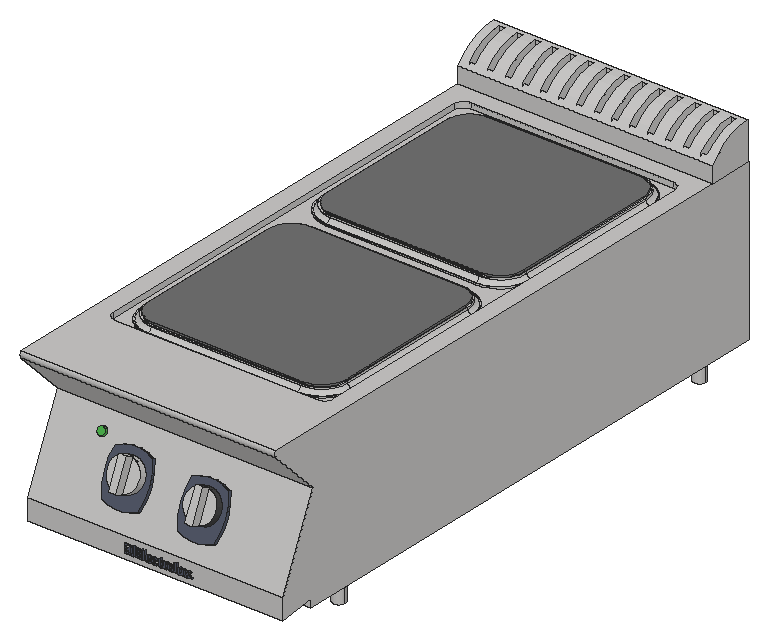
Revit family "QF_ELECTROLUXPROFESSIONAL_391180_E9ECMD2Q05", category Specialty Equipment, Revit 2018
Family settings
  Round Connector Dimension = Use Diameter
  Part Type = Normal
  Work Plane-Based = No
  Always vertical = Yes
  Cut with Voids When Loaded = No
  Shared = No
  Room Calculation Point = No
Parameters (values of type "Standard")
  Weight = 30.00 kg
  Watts = 0 W
  Volts = 400 V
  URL Manufacturer = "http://professional.electrolux.com"
  URL = "http://professional.electrolux.com"
  Steam Supply Size = 0"
  Steam Supply Minimum Pressure = 0.00 psi
  Steam Supply Maximum Pressure = 0.00 psi
  Steam Pounds per Hour = 0
  Show Logo [instance] = yes
  Show Clearance [instance] = yes
  Refrigeration Suction Line Size = 0 mm
  Refrigeration Liquid Line Size = 0 mm
  Refrigerant Compressor Remote = yes
  Phase = 3
  Model = "E9ECMD2Q05"
  Manufacturer = "Electrolux Professional"
  Length Actual = 400 mm  # constant formula
  Item Number = "391180"
  Hot Water Size = 0"
  Height Actual = 250 mm  # constant formula
  HP = "10.7 HP"
  Gas Size = 0"
  Gas KW = 0
  Gas Input Pressure = 0.0 Btu/h
  Direct Waste Size = 0"
  Description = "2HOT PLATE EL.BOIL.TOP 400MM-400V-MARINE"
  Depth Actual = 930 mm  # constant formula
  Cycle = 50 Hz
  Condensate Return Size = 0"
  Compressed Air Volume = 0 GPM
  Compressed Air Size = 0"
  Compressed Air Pressure = 0.00 psi
  Cold Water Size = 0"
  Accessory = yes
Reference planes
  plane 1 "BACK": y = 0
  plane 2: z = 0
  plane 3 "LEFT": x = 0
  plane 4 "RIGHT": x = 400
  plane 5 "FRONT": y = -930
  plane 6 "TOP": z = 333
  plane 7 "Center Y": x = 200
  plane 8 "Center X": y = -465
  plane 9 "BASE": z = 24
  plane 10 "TOP A": z = 275
  plane 11: y = -790
  plane 12: y = -915
  plane 13: y = -82
  plane 14: y = -609
  plane 15: y = -583
Forms (mm)
  Extrusion 1, solid, material "QF_Finishes_Stainless Steel"
    sketch origin (0, 0, 0) x (0, 1, 0) y (0, 0, 1)
      loop
        line (0, 275) -> (-928.041, 275)
        arc (-928.041, 275) -> (-929.999, 270.526) -> (-928.201, 265.985) r 6.35
        line (-928.201, 265.985) -> (-856.039, 191.809) -> (-915, 63.041) -> (-915, 30.789) -> (-859.023, 36.7) -> (-859.023, 24) -> (0, 24) -> (0, 275)
    from 0 to 400
  Extrusion 2, void
    sketch origin (0, -198.623, 273.238) x (-1, 0, 0) y (0, -1, 0)
      loop
        arc (-42.5, -101.089) -> (-31.893, -96.696) -> (-27.5, -86.089) r 15
        line (-27.5, -86.089) -> (-27.5, 583.262)
        arc (-27.5, 583.262) -> (-31.893, 593.868) -> (-42.5, 598.262) r 15
        line (-42.5, 598.262) -> (-359.751, 598.262)
        arc (-359.751, 598.262) -> (-370.358, 593.868) -> (-374.751, 583.262) r 15
        line (-374.751, 583.262) -> (-374.751, -86.089)
        arc (-374.751, -86.089) -> (-370.358, -96.696) -> (-359.751, -101.089) r 15
        line (-359.751, -101.089) -> (-42.5, -101.089)
    from 1.763 to -6.35
  Extrusion 3, solid, material "QF_Finishes_Stainless Steel"
    sketch origin (0, -198.623, 0) x (1, 0, 0) y (0, 1, 0)
      loop
        circle (11.112, 116.623) r 9.525
      loop
        circle (388.887, 116.623) r 9.525
      loop
        circle (11.112, -591.377) r 9.525
      loop
        circle (388.888, -591.377) r 9.525
    from 0 to 24
  Extrusion 4, solid, material "QF_Clearances", visible <- "Show Clearance", detail levels coarse
    sketch origin (0, -198.623, 0) x (1, 0, 0) y (0, 1, 0)
      loop
        line (0, -731.377) -> (0, 198.623) -> (400, 198.623) -> (400, -731.377) -> (500.019, -731.377) -> (500.019, 298.642) -> (-100.019, 298.642) -> (-100.019, -731.377) -> (0, -731.377)
    from 0 to 333
  Extrusion 5, solid, material "QF_Finishes_Stainless Steel"
    sketch origin (0, 0, 0) x (0, 1, 0) y (0, 0, 1)
      loop
        line (0, 275) -> (0, 333.762)
        arc (0, 333.762) -> (-38.885, 325.372) -> (-69.85, 300.4) r 86.116
        line (-69.85, 300.4) -> (-69.85, 275) -> (0, 275)
    from 0 to 400
  Extrusion 6, void
    sketch origin (0, 0, 273.237) x (-1, 0, 0) y (0, -1, 0)
      loop
        line (-13.453, 6.761) -> (-13.453, 63.911) -> (-22.749, 63.911) -> (-22.749, 6.761) -> (-13.453, 6.761)
    from 25.4 to 63.5
  Extrusion 7, void
    sketch origin (400.05, 0, 273.237) x (1, 0, 0) y (0, 1, 0)
      loop
        line (-13.503, -6.761) -> (-22.799, -6.761) -> (-22.799, -63.911) -> (-13.503, -63.911) -> (-13.503, -6.761)
    from 25.4 to 63.5
  Extrusion 8, void
    sketch origin (27.988, 0, 273.237) x (-1, 0, 0) y (0, -1, 0)
      loop
        line (-13.453, 6.761) -> (-13.453, 63.911) -> (-22.749, 63.911) -> (-22.749, 6.761) -> (-13.453, 6.761)
    from 25.4 to 63.5
  Extrusion 9, void
    sketch origin (55.977, 0, 273.237) x (-1, 0, 0) y (0, -1, 0)
      loop
        line (-13.453, 6.761) -> (-13.453, 63.911) -> (-22.749, 63.911) -> (-22.749, 6.761) -> (-13.453, 6.761)
    from 25.4 to 63.5
  Extrusion 10, void
    sketch origin (83.965, 0, 273.237) x (-1, 0, 0) y (0, -1, 0)
      loop
        line (-13.428, 6.761) -> (-13.428, 63.911) -> (-22.724, 63.911) -> (-22.724, 6.761) -> (-13.428, 6.761)
    from 25.4 to 63.5
  Extrusion 11, void
    sketch origin (111.953, 0, 273.237) x (-1, 0, 0) y (0, -1, 0)
      loop
        line (-13.428, 6.761) -> (-13.428, 63.911) -> (-22.724, 63.911) -> (-22.724, 6.761) -> (-13.428, 6.761)
    from 25.4 to 63.5
  Extrusion 12, void
    sketch origin (139.942, 0, 273.237) x (-1, 0, 0) y (0, -1, 0)
      loop
        line (-13.428, 6.761) -> (-13.428, 63.911) -> (-22.724, 63.911) -> (-22.724, 6.761) -> (-13.428, 6.761)
    from 25.4 to 63.5
  Extrusion 13, void
    sketch origin (167.93, 0, 273.237) x (-1, 0, 0) y (0, -1, 0)
      loop
        line (-13.428, 6.761) -> (-13.428, 63.911) -> (-22.724, 63.911) -> (-22.724, 6.761) -> (-13.428, 6.761)
    from 25.4 to 63.5
  Extrusion 14, void
    sketch origin (195.918, 0, 273.237) x (-1, 0, 0) y (0, -1, 0)
      loop
        line (-13.428, 6.761) -> (-13.428, 63.911) -> (-22.724, 63.911) -> (-22.724, 6.761) -> (-13.428, 6.761)
    from 25.4 to 63.5
  Extrusion 15, void
    sketch origin (223.907, 0, 273.237) x (-1, 0, 0) y (0, -1, 0)
      loop
        line (-13.428, 6.761) -> (-13.428, 63.911) -> (-22.724, 63.911) -> (-22.724, 6.761) -> (-13.428, 6.761)
    from 25.4 to 63.5
  Extrusion 16, void
    sketch origin (251.895, 0, 273.237) x (-1, 0, 0) y (0, -1, 0)
      loop
        line (-13.428, 6.761) -> (-13.428, 63.911) -> (-22.724, 63.911) -> (-22.724, 6.761) -> (-13.428, 6.761)
    from 25.4 to 63.5
  Extrusion 17, void
    sketch origin (279.884, 0, 273.237) x (-1, 0, 0) y (0, -1, 0)
      loop
        line (-13.403, 6.761) -> (-13.403, 63.911) -> (-22.699, 63.911) -> (-22.699, 6.761) -> (-13.403, 6.761)
    from 25.4 to 63.5
  Extrusion 18, void
    sketch origin (307.872, 0, 273.237) x (-1, 0, 0) y (0, -1, 0)
      loop
        line (-13.403, 6.761) -> (-13.403, 63.911) -> (-22.699, 63.911) -> (-22.699, 6.761) -> (-13.403, 6.761)
    from 25.4 to 63.5
  Extrusion 19, void
    sketch origin (335.86, 0, 273.237) x (-1, 0, 0) y (0, -1, 0)
      loop
        line (-13.403, 6.761) -> (-13.403, 63.911) -> (-22.699, 63.911) -> (-22.699, 6.761) -> (-13.403, 6.761)
    from 25.4 to 63.5
  Extrusion 20, solid, material "QF_Finishes_Stainless Steel"
    sketch origin (0, -198.623, 266.888) x (-1, 0, 0) y (0, -1, 0)
      loop
        arc (-86.725, 266.377) -> (-58.441, 278.092) -> (-46.725, 306.377) r 40
        line (-46.725, 306.377) -> (-46.725, 541.377)
        arc (-46.725, 541.377) -> (-58.441, 569.661) -> (-86.725, 581.377) r 40
        line (-86.725, 581.377) -> (-321.725, 581.377)
        arc (-321.725, 581.377) -> (-350.009, 569.661) -> (-361.725, 541.377) r 40
        line (-361.725, 541.377) -> (-361.725, 306.377)
        arc (-361.725, 306.377) -> (-350.009, 278.092) -> (-321.725, 266.377) r 40
        line (-321.725, 266.377) -> (-86.725, 266.377)
      loop
        line (-86.725, 230.796) -> (-321.725, 230.796)
        arc (-321.725, 230.796) -> (-350.009, 219.08) -> (-361.725, 190.796) r 40
        line (-361.725, 190.796) -> (-361.725, -44.204)
        arc (-361.725, -44.204) -> (-350.009, -72.488) -> (-321.725, -84.204) r 40
        line (-321.725, -84.204) -> (-86.725, -84.204)
        arc (-86.725, -84.204) -> (-58.441, -72.488) -> (-46.725, -44.204) r 40
        line (-46.725, -44.204) -> (-46.725, 190.796)
        arc (-46.725, 190.796) -> (-58.441, 219.08) -> (-86.725, 230.796) r 40
    from 0 to 10
  Sweep 21, solid, material "QF_Finishes_Stainless Steel"
    path origin (0, -198.623, 276.888) x (-1, 0, 0) y (0, -1, 0)
      loop
        line (-46.725, 306.377) -> (-46.725, 541.377)
        arc (-46.725, 541.377) -> (-58.441, 569.661) -> (-86.725, 581.377) r 40
        line (-86.725, 581.377) -> (-321.725, 581.377)
        arc (-321.725, 581.377) -> (-350.009, 569.661) -> (-361.725, 541.377) r 40
        line (-361.725, 541.377) -> (-361.725, 306.377)
        arc (-361.725, 306.377) -> (-350.009, 278.092) -> (-321.725, 266.377) r 40
        line (-321.725, 266.377) -> (-86.725, 266.377)
        arc (-86.725, 266.377) -> (-58.441, 278.092) -> (-46.725, 306.377) r 40
    profile origin (46.725, -622.5, 276.888) x (1, 0, 0) y (0, 0, 1)
      loop
        arc (0, -1.759) -> (-2.638, -5.472) -> (-6.35, -8.109) r 13.651
        line (-6.35, -8.109) -> (-8.064, -8.109) -> (-8.064, -10) -> (0, -10) -> (0, -1.759)
  Sweep 22, solid, material "QF_Finishes_Stainless Steel"
    path origin (0, 151.957, 276.888) x (-1, 0, 0) y (0, -1, 0)
      loop
        line (-46.725, 306.377) -> (-46.725, 541.377)
        arc (-46.725, 541.377) -> (-58.441, 569.661) -> (-86.725, 581.377) r 40
        line (-86.725, 581.377) -> (-321.725, 581.377)
        arc (-321.725, 581.377) -> (-350.009, 569.661) -> (-361.725, 541.377) r 40
        line (-361.725, 541.377) -> (-361.725, 306.377)
        arc (-361.725, 306.377) -> (-350.009, 278.092) -> (-321.725, 266.377) r 40
        line (-321.725, 266.377) -> (-86.725, 266.377)
        arc (-86.725, 266.377) -> (-58.441, 278.092) -> (-46.725, 306.377) r 40
    profile origin (46.725, -271.919, 276.888) x (1, 0, 0) y (0, 0, 1)
      loop
        arc (0, -1.759) -> (-2.638, -5.472) -> (-6.35, -8.109) r 13.651
        line (-6.35, -8.109) -> (-8.064, -8.109) -> (-8.064, -10) -> (0, -10) -> (0, -1.759)
  Extrusion 23, solid, material "QF_Finishes_Rubber Black"
    sketch origin (0, -198.623, 276.888) x (-1, 0, 0) y (0, -1, 0)
      loop
        arc (-49.725, 190.796) -> (-60.562, 216.959) -> (-86.725, 227.796) r 37
        line (-86.725, 227.796) -> (-321.725, 227.796)
        arc (-321.725, 227.796) -> (-347.888, 216.959) -> (-358.725, 190.796) r 37
        line (-358.725, 190.796) -> (-358.725, -44.204)
        arc (-358.725, -44.204) -> (-347.888, -70.367) -> (-321.725, -81.204) r 37
        line (-321.725, -81.204) -> (-86.725, -81.204)
        arc (-86.725, -81.204) -> (-60.562, -70.367) -> (-49.725, -44.204) r 37
        line (-49.725, -44.204) -> (-49.725, 190.796)
      loop
        arc (-86.725, 269.377) -> (-60.562, 280.214) -> (-49.725, 306.377) r 37
        line (-49.725, 306.377) -> (-49.725, 541.377)
        arc (-49.725, 541.377) -> (-60.562, 567.54) -> (-86.725, 578.377) r 37
        line (-86.725, 578.377) -> (-321.725, 578.377)
        arc (-321.725, 578.377) -> (-347.888, 567.54) -> (-358.725, 541.377) r 37
        line (-358.725, 541.377) -> (-358.725, 306.377)
        arc (-358.725, 306.377) -> (-347.888, 280.214) -> (-321.725, 269.377) r 37
        line (-321.725, 269.377) -> (-86.725, 269.377)
    from 0 to 2
  Extrusion 24, solid, material "QF_Finishes_Green"
    sketch origin (0, -915, 63.041) x (0, 0.416318, 0.909219) y (-1, 0, 0)
      loop
        circle (111.946, -80.648) r 6.35
    from 0 to 3.175
  Extrusion 25, solid, material "QF_Finishes_Navy Blue", visible <- "Show Logo"
    sketch origin (0, -915, 31.09) x (0, 0, 1) y (-1, 0, 0)
      loop
        line (22.074, -162.506) -> (9.707, -162.506)
        arc (9.707, -162.506) -> (15.891, -167.078) -> (22.074, -162.506) r 6.467
      loop
        arc (22.074, -161.877) -> (20.905, -156.734) -> (16.249, -154.256) r 6.338
        line (16.249, -154.256) -> (16.249, -156.302)
        arc (16.249, -156.302) -> (17.733, -159.957) -> (21.178, -161.877) r 5.941
        line (21.178, -161.877) -> (22.074, -161.877)
      loop
        arc (10.603, -161.877) -> (14.048, -159.957) -> (15.532, -156.302) r 5.941
        line (15.532, -156.302) -> (15.532, -154.256)
        arc (15.532, -154.256) -> (10.838, -156.73) -> (9.548, -161.877) r 6.504
        line (9.548, -161.877) -> (10.603, -161.877)
      loop
        line (22.749, -153.787) -> (9.004, -153.787) -> (9.004, -167.55) -> (22.749, -167.55) -> (22.749, -153.787)
      loop
        arc (22.832, -170.518) -> (22.485, -170.16) -> (22.118, -170.498) r 0.358
        arc (22.118, -170.498) -> (21.804, -171.248) -> (21.087, -171.633) r 1.216
        line (21.087, -171.633) -> (10.674, -171.633)
        arc (10.674, -171.633) -> (10.014, -171.356) -> (9.618, -170.759) r 1.238
        arc (9.618, -170.759) -> (9.223, -170.508) -> (8.918, -170.862) r 0.358
        line (8.918, -170.862) -> (8.918, -180.741) -> (11.669, -180.741) -> (11.669, -179.844)
        arc (11.669, -179.844) -> (10.76, -179.264) -> (10.304, -178.287) r 1.928
        line (10.304, -178.287) -> (10.304, -175.788)
        arc (10.304, -175.788) -> (10.58, -175.059) -> (11.268, -174.695) r 1.101
        line (11.268, -174.695) -> (15.355, -174.695) -> (15.355, -178.369)
        arc (15.355, -178.369) -> (15.002, -178.866) -> (14.437, -179.094) r 1.083
        arc (14.437, -179.094) -> (14.173, -179.399) -> (14.465, -179.677) r 0.292
        line (14.465, -179.677) -> (17.428, -179.677)
        arc (17.428, -179.677) -> (17.73, -179.404) -> (17.492, -179.074) r 0.305
        arc (17.492, -179.074) -> (17.001, -178.826) -> (16.696, -178.369) r 1.083
        line (16.696, -178.369) -> (16.696, -174.695) -> (21.373, -174.695) -> (21.373, -178.443)
        arc (21.373, -178.443) -> (21.159, -179.198) -> (20.553, -179.696) r 1.314
        arc (20.553, -179.696) -> (20.334, -180.1) -> (20.688, -180.393) r 0.361
        line (20.688, -180.393) -> (22.832, -180.393) -> (22.832, -170.518)
      loop
        arc (22.115, -181.173) -> (21.735, -182.092) -> (20.816, -182.472) r 1.299
        line (20.816, -182.472) -> (11.237, -182.472)
        arc (11.237, -182.472) -> (10.399, -182.094) -> (10.128, -181.216) r 1.118
        line (10.128, -181.216) -> (8.918, -181.216) -> (8.918, -186.566) -> (10.106, -186.566)
        arc (10.106, -186.566) -> (10.378, -185.649) -> (11.248, -185.253) r 1.153
        line (11.248, -185.253) -> (23.32, -185.253) -> (22.115, -181.173)
      loop
        line (13.883, -189.202) -> (13.883, -195.65) -> (14.682, -195.65)
        arc (14.682, -195.65) -> (17.262, -194.665) -> (18.531, -192.212) r 3.874
        line (18.531, -192.212) -> (18.531, -190.451)
        arc (18.531, -190.451) -> (17.344, -187.586) -> (14.48, -186.4) r 4.051
        line (14.48, -186.4) -> (12.472, -186.4)
        arc (12.472, -186.4) -> (9.653, -187.885) -> (8.602, -190.892) r 4.352
        arc (8.602, -190.892) -> (8.966, -193.355) -> (10.343, -195.429) r 5.713
        line (10.343, -195.429) -> (11.292, -195.429)
        arc (11.292, -195.429) -> (10.56, -193.86) -> (10.343, -192.142) r 5.579
        arc (10.343, -192.142) -> (11.137, -190.179) -> (13.016, -189.202) r 3.057
        line (13.016, -189.202) -> (13.883, -189.202)
      loop
        line (15.142, -189.202) -> (15.142, -192.784)
        arc (15.142, -192.784) -> (16.599, -192.832) -> (17.482, -191.672) r 1.59
        line (17.482, -191.672) -> (17.482, -190.842)
        arc (17.482, -190.842) -> (16.617, -189.587) -> (15.142, -189.202) r 2.184
      loop
        arc (17.933, -205.067) -> (18.422, -203.393) -> (18.579, -201.656) r 9.023
        line (18.579, -201.656) -> (18.579, -200.294)
        arc (18.579, -200.294) -> (17.42, -197.494) -> (14.62, -196.335) r 3.959
        line (14.62, -196.335) -> (12.02, -196.335)
        arc (12.02, -196.335) -> (9.738, -197.627) -> (8.621, -200) r 4.331
        line (8.621, -200) -> (8.621, -202.135)
        arc (8.621, -202.135) -> (9.129, -203.685) -> (10.051, -205.031) r 5.772
        arc (10.051, -205.031) -> (10.812, -205.082) -> (10.899, -204.323) r 0.553
        arc (10.899, -204.323) -> (10.511, -203.589) -> (10.377, -202.77) r 2.573
        line (10.377, -202.77) -> (10.377, -201.255)
        arc (10.377, -201.255) -> (11.383, -199.614) -> (13.198, -198.971) r 2.884
        line (13.198, -198.971) -> (14.477, -198.971)
        arc (14.477, -198.971) -> (16.298, -199.531) -> (17.224, -201.196) r 2.554
        line (17.224, -201.196) -> (17.224, -202.249)
        arc (17.224, -202.249) -> (16.893, -203.177) -> (16.236, -203.912) r 2.564
        arc (16.236, -203.912) -> (16.014, -204.629) -> (16.623, -205.067) r 0.643
        line (16.623, -205.067) -> (17.933, -205.067)
      loop
        line (16.915, -205.337) -> (16.915, -206.838) -> (10.867, -206.838)
        arc (10.867, -206.838) -> (9.279, -207.496) -> (8.621, -209.084) r 2.246
        line (8.621, -209.084) -> (8.621, -210.668)
        arc (8.621, -210.668) -> (8.935, -211.533) -> (9.435, -212.304) r 4.06
        arc (9.435, -212.304) -> (10.168, -212.437) -> (10.419, -211.736) r 0.576
        arc (10.419, -211.736) -> (10.313, -211.211) -> (10.377, -210.678) r 1.69
        arc (10.377, -210.678) -> (10.919, -209.89) -> (11.825, -209.587) r 1.506
        line (11.825, -209.587) -> (16.963, -209.587) -> (16.963, -211.984) -> (17.519, -212.541) -> (18.341, -212.541) -> (18.341, -209.681) -> (21.572, -209.681) -> (16.915, -205.337)
      loop
        line (8.838, -213.438) -> (8.838, -218.825) -> (9.948, -218.825)
        arc (9.948, -218.825) -> (10.342, -217.874) -> (11.293, -217.48) r 1.345
        line (11.293, -217.48) -> (14.909, -217.48)
        arc (14.909, -217.48) -> (15.674, -218.072) -> (15.964, -218.994) r 1.615
        line (15.964, -218.994) -> (15.964, -220.55) -> (18.519, -221.235) -> (18.519, -219.852) -> (16.577, -217.293) -> (18.457, -217.293) -> (18.173, -214.587)
        arc (18.173, -214.587) -> (17.733, -214.057) -> (17.074, -214.258) r 0.621
        arc (17.074, -214.258) -> (16.674, -214.6) -> (16.18, -214.783) r 1.501
        line (16.18, -214.783) -> (11.293, -214.783)
        arc (11.293, -214.783) -> (10.342, -214.389) -> (9.948, -213.438) r 1.345
        line (9.948, -213.438) -> (8.838, -213.438)
      loop
        line (14.94, -220.772) -> (12.248, -220.772)
        arc (12.248, -220.772) -> (9.803, -222.08) -> (8.669, -224.611) r 4.288
        arc (8.669, -224.611) -> (8.605, -225.991) -> (8.669, -227.371) r 15.022
        arc (8.669, -227.371) -> (9.803, -229.902) -> (12.248, -231.209) r 4.288
        line (12.248, -231.209) -> (14.94, -231.209)
        arc (14.94, -231.209) -> (17.386, -229.902) -> (18.519, -227.371) r 4.288
        arc (18.519, -227.371) -> (18.583, -225.991) -> (18.519, -224.611) r 15.022
        arc (18.519, -224.611) -> (17.386, -222.08) -> (14.94, -220.772) r 4.288
      loop
        line (15.145, -223.886) -> (12.043, -223.886)
        arc (12.043, -223.886) -> (9.886, -226.043) -> (12.043, -228.2) r 2.157
        line (12.043, -228.2) -> (15.145, -228.2)
        arc (15.145, -228.2) -> (17.302, -226.043) -> (15.145, -223.886) r 2.157
      loop
        arc (22.126, -231.068) -> (21.755, -231.962) -> (20.861, -232.332) r 1.264
        line (20.861, -232.332) -> (10.997, -232.332)
        arc (10.997, -232.332) -> (10.127, -231.935) -> (9.855, -231.019) r 1.153
        line (9.855, -231.019) -> (8.918, -231.019) -> (8.918, -236.127) -> (9.846, -236.127)
        arc (9.846, -236.127) -> (10.205, -235.355) -> (10.997, -235.04) r 1.153
        line (10.997, -235.04) -> (23.32, -235.04) -> (22.126, -231.068)
      loop
        arc (17.246, -235.665) -> (17.047, -236.729) -> (16.078, -237.211) r 1.215
        line (16.078, -237.211) -> (11.058, -237.211)
        arc (11.058, -237.211) -> (9.443, -237.859) -> (8.722, -239.442) r 2.338
        line (8.722, -239.442) -> (8.722, -240.956)
        arc (8.722, -240.956) -> (8.897, -241.96) -> (9.399, -242.846) r 2.979
        line (9.399, -242.846) -> (8.918, -244.643) -> (8.918, -246.332) -> (18.343, -246.332) -> (18.049, -242.128) -> (17.263, -242.128)
        arc (17.263, -242.128) -> (16.907, -242.964) -> (16.155, -243.473) r 1.605
        line (16.155, -243.473) -> (11.052, -243.473)
        arc (11.052, -243.473) -> (10.632, -242.536) -> (10.559, -241.512) r 2.94
        arc (10.559, -241.512) -> (11.12, -240.411) -> (12.273, -239.968) r 1.724
        line (12.273, -239.968) -> (18.47, -239.968) -> (17.246, -235.665)
      loop
        line (18.274, -247.185) -> (16.602, -249.231) -> (13.428, -251.537) -> (9.972, -248.425)
        arc (9.972, -248.425) -> (9.735, -248.031) -> (9.757, -247.572) r 0.789
        line (9.757, -247.572) -> (8.918, -247.572) -> (8.918, -251.117) -> (9.744, -251.117)
        arc (9.744, -251.117) -> (10.086, -250.755) -> (10.576, -250.847) r 0.52
        line (10.576, -250.847) -> (12.376, -252.318) -> (10.258, -253.694)
        arc (10.258, -253.694) -> (9.857, -253.384) -> (9.77, -252.884) r 0.7
        line (9.77, -252.884) -> (8.918, -252.884) -> (8.918, -258.811) -> (9.805, -258.811)
        arc (9.805, -258.811) -> (9.872, -258.152) -> (10.266, -257.621) r 1.247
        line (10.266, -257.621) -> (14.466, -254.34) -> (16.913, -256.393) -> (18.274, -258.135) -> (18.274, -254.412) -> (16.789, -254.834) -> (15.268, -253.557) -> (16.968, -252.367) -> (18.274, -253.144) -> (18.274, -247.185)
    from 0 to 1.644
  Extrusion 26, solid, material "QF_Finishes_Stainless Steel"
    sketch origin (-24.783, -915.025, 68.652) x (0, 0.421077, 0.907025) y (-1, 0, 0)
      loop
        circle (68.826, -160.963) r 25.4
    from 0 to 12.7
  Extrusion 27, solid, material "QF_Finishes_Stainless Steel"
    sketch origin (-24.783, -926.544, 74) x (0, 0.421077, 0.907025) y (-1, 0, 0)
      loop
        arc (93.558, -166.749) -> (94.226, -160.963) -> (93.558, -155.177) r 25.4
        line (93.558, -155.177) -> (44.094, -155.177)
        arc (44.094, -155.177) -> (43.426, -160.963) -> (44.094, -166.749) r 25.4
        line (44.094, -166.749) -> (93.558, -166.749)
    from 0 to 12.7
  Extrusion 28, solid, material "QF_Finishes_Stainless Steel"
    sketch origin (417.5, -915.025, 66.777) x (0, 0.421077, 0.907025) y (-1, 0, 0)
      loop
        circle (68.826, 160.963) r 25.4
    from 0 to 12.7
  Extrusion 29, solid, material "QF_Finishes_Stainless Steel"
    sketch origin (417.5, -926.544, 72.125) x (0, 0.421077, 0.907025) y (-1, 0, 0)
      loop
        line (93.558, 166.749) -> (44.094, 166.749)
        arc (44.094, 166.749) -> (43.426, 160.963) -> (44.094, 155.177) r 25.4
        line (44.094, 155.177) -> (93.558, 155.177)
        arc (93.558, 155.177) -> (94.226, 160.963) -> (93.558, 166.749) r 25.4
    from 0 to 12.7
  Extrusion 30, solid, material "QF_Finishes_Stainless Steel"
    sketch origin (0, -300.223, 24) x (-1, 0, 0) y (0, 1, 0)
      loop
        circle (-249, -308.777) r 12.7
    from 0 to 12.7
  Extrusion 31, solid, material "QF_Finishes_Stainless Steel"
    sketch origin (0, -300.223, 24) x (-1, 0, 0) y (0, 1, 0)
      loop
        circle (-339, -282.777) r 12.7
    from 0 to 12.7
  Extrusion 32, solid, material "QF_Finishes_Navy Blue - Electrolux"
    sketch origin (0, -915, 63.041) x (0, 0.416318, 0.909219) y (-1, 0, 0)
      loop
        arc (103.364, -107.24) -> (68.487, -100.223) -> (33.619, -107.285) r 89.894
        arc (33.619, -107.285) -> (26.924, -135.815) -> (33.619, -164.346) r 64.14
        arc (33.619, -164.346) -> (68.487, -171.411) -> (103.364, -164.39) r 89.853
        arc (103.364, -164.39) -> (110.078, -135.815) -> (103.364, -107.24) r 64.16
      loop
        arc (100.864, -227.597) -> (65.987, -220.58) -> (31.119, -227.641) r 89.894
        arc (31.119, -227.641) -> (24.424, -256.172) -> (31.119, -284.703) r 64.14
        arc (31.119, -284.703) -> (65.987, -291.768) -> (100.864, -284.747) r 89.853
        arc (100.864, -284.747) -> (107.578, -256.172) -> (100.864, -227.597) r 64.16
    from 0 to 4
Cuts and joins
  Extrusion 2 cuts Extrusion 1
  Extrusion 6, Extrusion 7, Extrusion 8, Extrusion 9, Extrusion 10, Extrusion 11, Extrusion 12, Extrusion 13, Extrusion 14, Extrusion 15, Extrusion 16, Extrusion 17, Extrusion 18, Extrusion 19 cuts Extrusion 5
Lines and regions (mm)
  symbolic lines, style "QF_Clearances", visible <- "Show Clearance", detail levels coarse
    curve 1: line (-100.019, 100.019, 275) -> (-100.019, -930, 275)
    curve 2: line (500.019, 100.019, 275) -> (-100.019, 100.019, 275)
    curve 3: line (500.019, -930, 275) -> (500.019, 100.019, 275)
  symbolic lines
    curve 4: line (0, -930, 275) -> (0, -198.623, 275)
    curve 5: line (400, -198.623, 275) -> (400, -930, 275)
    curve 6: line (0, -268.473, 275) -> (0, -319.273, 275)
    curve 7: line (400, -930, 275) -> (0, -930, 275)
    curve 8: line (27.5, -781.885, 266.888) -> (27.5, -112.534, 266.888)
    curve 9: line (42.5, -97.534, 266.888) -> (359.751, -97.534, 266.887)
    curve 10: line (374.751, -112.534, 266.887) -> (374.751, -781.885, 266.887)
    curve 11: line (359.751, -796.885, 266.887) -> (42.5, -796.885, 266.888)
    curve 12: line (0, 0, 275) -> (400, 0, 275)
    curve 13: line (22.724, -6.761, 275) -> (22.724, -63.911, 275)
    curve 14: line (22.724, -63.911, 275) -> (13.428, -63.911, 275)
    curve 15: line (13.428, -63.911, 275) -> (13.428, -6.761, 275)
    curve 16: line (13.428, -6.761, 275) -> (22.724, -6.761, 275)
    curve 17: line (386.547, -6.761, 275) -> (386.547, -63.911, 275)
    curve 18: line (386.547, -63.911, 275) -> (377.251, -63.911, 275)
    curve 19: line (377.251, -63.911, 275) -> (377.251, -6.761, 275)
    curve 20: line (377.251, -6.761, 275) -> (386.547, -6.761, 275)
    curve 21: line (50.712, -6.761, 275) -> (50.712, -63.911, 275)
    curve 22: line (50.712, -63.911, 275) -> (41.416, -63.911, 275)
    curve 23: line (41.416, -63.911, 275) -> (41.416, -6.761, 275)
    curve 24: line (41.416, -6.761, 275) -> (50.712, -6.761, 275)
    curve 25: line (78.7, -6.761, 275) -> (78.7, -63.911, 275)
    curve 26: line (78.7, -63.911, 275) -> (69.405, -63.911, 275)
    curve 27: line (69.405, -63.911, 275) -> (69.405, -6.761, 275)
    curve 28: line (69.405, -6.761, 275) -> (78.7, -6.761, 275)
    curve 29: line (106.689, -6.761, 275) -> (106.689, -63.911, 275)
    curve 30: line (106.689, -63.911, 275) -> (97.393, -63.911, 275)
    curve 31: line (97.393, -63.911, 275) -> (97.393, -6.761, 275)
    curve 32: line (97.393, -6.761, 275) -> (106.689, -6.761, 275)
    curve 33: line (134.677, -6.761, 275) -> (134.677, -63.911, 275)
    curve 34: line (134.677, -63.911, 275) -> (125.381, -63.911, 275)
    curve 35: line (125.381, -63.911, 275) -> (125.381, -6.761, 275)
    curve 36: line (125.381, -6.761, 275) -> (134.677, -6.761, 275)
    curve 37: line (162.665, -6.761, 275) -> (162.665, -63.911, 275)
    curve 38: line (162.665, -63.911, 275) -> (153.37, -63.911, 275)
    curve 39: line (153.37, -63.911, 275) -> (153.37, -6.761, 275)
    curve 40: line (153.37, -6.761, 275) -> (162.665, -6.761, 275)
    curve 41: line (190.654, -6.761, 275) -> (190.654, -63.911, 275)
    curve 42: line (190.654, -63.911, 275) -> (181.358, -63.911, 275)
    curve 43: line (181.358, -63.911, 275) -> (181.358, -6.761, 275)
    curve 44: line (181.358, -6.761, 275) -> (190.654, -6.761, 275)
    curve 45: line (218.642, -6.761, 275) -> (218.642, -63.911, 275)
    curve 46: line (218.642, -63.911, 275) -> (209.346, -63.911, 275)
    curve 47: line (209.346, -63.911, 275) -> (209.346, -6.761, 275)
    curve 48: line (209.346, -6.761, 275) -> (218.642, -6.761, 275)
    curve 49: line (246.605, -6.761, 275) -> (246.605, -63.911, 275)
    curve 50: line (246.605, -63.911, 275) -> (237.31, -63.911, 275)
    curve 51: line (237.31, -63.911, 275) -> (237.31, -6.761, 275)
    curve 52: line (237.31, -6.761, 275) -> (246.605, -6.761, 275)
    curve 53: line (274.594, -6.761, 275) -> (274.594, -63.911, 275)
    curve 54: line (274.594, -63.911, 275) -> (265.298, -63.911, 275)
    curve 55: line (265.298, -63.911, 275) -> (265.298, -6.761, 275)
    curve 56: line (265.298, -6.761, 275) -> (274.594, -6.761, 275)
    curve 57: line (302.582, -6.761, 275) -> (302.582, -63.911, 275)
    curve 58: line (302.582, -63.911, 275) -> (293.286, -63.911, 275)
    curve 59: line (293.286, -63.911, 275) -> (293.286, -6.761, 275)
    curve 60: line (293.286, -6.761, 275) -> (302.582, -6.761, 275)
    curve 61: line (330.57, -6.761, 275) -> (330.57, -63.911, 275)
    curve 62: line (330.57, -63.911, 275) -> (321.275, -63.911, 275)
    curve 63: line (321.275, -63.911, 275) -> (321.275, -6.761, 275)
    curve 64: line (321.275, -6.761, 275) -> (330.57, -6.761, 275)
    curve 65: line (358.559, -6.761, 275) -> (358.559, -63.911, 275)
    curve 66: line (358.559, -63.911, 275) -> (349.263, -63.911, 275)
    curve 67: line (349.263, -63.911, 275) -> (349.263, -6.761, 275)
    curve 68: line (349.263, -6.761, 275) -> (358.559, -6.761, 275)
    curve 69: line (400, -69.85, 275) -> (0, -69.85, 275)
    curve 70: arc (42.5, -97.534, 266.888) -> (31.893, -101.928, 266.888) -> (27.5, -112.534, 266.888) r 15
    curve 71: arc (374.751, -112.534, 266.887) -> (370.358, -101.928, 266.887) -> (359.751, -97.534, 266.887) r 15
    curve 72: arc (359.751, -796.885, 266.887) -> (370.358, -792.492, 266.887) -> (374.751, -781.885, 266.887) r 15
    curve 73: arc (27.5, -781.885, 266.888) -> (31.893, -792.492, 266.888) -> (42.5, -796.885, 266.888) r 15
    curve 74: arc (86.725, -117.419, 266.888) -> (60.562, -128.256, 266.888) -> (49.725, -154.419, 266.888) r 37
    curve 75: line (49.725, -154.419, 266.888) -> (49.725, -389.419, 266.888)
    curve 76: arc (49.725, -389.419, 266.888) -> (60.562, -415.582, 266.888) -> (86.725, -426.419, 266.888) r 37
    curve 77: line (86.725, -426.419, 266.888) -> (321.725, -426.419, 266.887)
    curve 78: arc (321.725, -426.419, 266.887) -> (347.888, -415.582, 266.887) -> (358.725, -389.419, 266.887) r 37
    curve 79: line (358.725, -389.419, 266.887) -> (358.725, -154.419, 266.887)
    curve 80: arc (358.725, -154.419, 266.887) -> (347.888, -128.256, 266.887) -> (321.725, -117.419, 266.887) r 37
    curve 81: line (321.725, -117.419, 266.887) -> (86.725, -117.419, 266.888)
    curve 82: arc (86.725, -114.419, 266.888) -> (58.441, -126.135, 266.888) -> (46.725, -154.419, 266.888) r 40
    curve 83: line (46.725, -154.419, 266.888) -> (46.725, -389.419, 266.888)
    curve 84: arc (46.725, -389.419, 266.888) -> (58.441, -417.704, 266.888) -> (86.725, -429.419, 266.888) r 40
    curve 85: line (86.725, -429.419, 266.888) -> (321.725, -429.419, 266.887)
    curve 86: arc (321.725, -429.419, 266.887) -> (350.009, -417.704, 266.887) -> (361.725, -389.419, 266.887) r 40
    curve 87: line (361.725, -389.419, 266.887) -> (361.725, -154.419, 266.887)
    curve 88: arc (361.725, -154.419, 266.887) -> (350.009, -126.135, 266.887) -> (321.725, -114.419, 266.887) r 40
    curve 89: line (321.725, -114.419, 266.887) -> (86.725, -114.419, 266.888)
    curve 90: arc (40.375, -154.419, 266.888) -> (53.951, -121.645, 266.888) -> (86.725, -108.069, 266.888) r 46.35
    curve 91: line (86.725, -108.069, 266.888) -> (321.725, -108.069, 266.887)
    curve 92: arc (321.725, -108.069, 266.887) -> (354.499, -121.645, 266.887) -> (368.075, -154.419, 266.887) r 46.35
    curve 93: line (368.075, -154.419, 266.887) -> (368.075, -389.419, 266.887)
    curve 94: arc (368.075, -389.419, 266.887) -> (354.499, -422.194, 266.887) -> (321.725, -435.769, 266.887) r 46.35
    curve 95: line (321.725, -435.769, 266.887) -> (86.725, -435.769, 266.888)
    curve 96: arc (86.725, -435.769, 266.888) -> (53.951, -422.194, 266.888) -> (40.375, -389.419, 266.888) r 46.35
    curve 97: line (40.375, -389.419, 266.888) -> (40.375, -154.419, 266.888)
    curve 98: arc (86.725, -106.355, 266.888) -> (52.738, -120.433, 266.888) -> (38.661, -154.419, 266.888) r 48.064
    curve 99: line (38.661, -154.419, 266.888) -> (38.661, -389.419, 266.888)
    curve 100: arc (38.661, -389.419, 266.888) -> (52.738, -423.406, 266.888) -> (86.725, -437.484, 266.888) r 48.064
    curve 101: line (86.725, -437.484, 266.888) -> (321.725, -437.484, 266.887)
    curve 102: arc (321.725, -437.484, 266.887) -> (355.712, -423.406, 266.887) -> (369.789, -389.419, 266.887) r 48.064
    curve 103: line (369.789, -389.419, 266.887) -> (369.789, -154.419, 266.887)
    curve 104: arc (369.789, -154.419, 266.887) -> (355.712, -120.433, 266.887) -> (321.725, -106.355, 266.887) r 48.064
    curve 105: line (321.725, -106.355, 266.887) -> (86.725, -106.355, 266.888)
    curve 106: arc (86.725, -456.936, 266.888) -> (52.738, -471.013, 266.888) -> (38.661, -505, 266.888) r 48.064
    curve 107: line (38.661, -505, 266.888) -> (38.661, -740, 266.888)
    curve 108: arc (38.661, -740, 266.888) -> (52.738, -773.987, 266.888) -> (86.725, -788.064, 266.888) r 48.064
    curve 109: line (86.725, -788.064, 266.888) -> (321.725, -788.064, 266.887)
    curve 110: arc (321.725, -788.064, 266.887) -> (355.712, -773.987, 266.887) -> (369.789, -740, 266.887) r 48.064
    curve 111: line (369.789, -740, 266.887) -> (369.789, -505, 266.887)
    curve 112: arc (369.789, -505, 266.887) -> (355.712, -471.013, 266.887) -> (321.725, -456.936, 266.887) r 48.064
    curve 113: line (321.725, -456.936, 266.887) -> (86.725, -456.936, 266.888)
    curve 114: arc (40.375, -505, 266.888) -> (53.951, -472.226, 266.888) -> (86.725, -458.65, 266.888) r 46.35
    curve 115: line (86.725, -458.65, 266.888) -> (321.725, -458.65, 266.887)
    curve 116: arc (321.725, -458.65, 266.887) -> (354.499, -472.226, 266.887) -> (368.075, -505, 266.887) r 46.35
    curve 117: line (368.075, -505, 266.887) -> (368.075, -740, 266.887)
    curve 118: arc (368.075, -740, 266.887) -> (354.499, -772.774, 266.887) -> (321.725, -786.35, 266.887) r 46.35
    curve 119: line (321.725, -786.35, 266.887) -> (86.725, -786.35, 266.888)
    curve 120: arc (86.725, -786.35, 266.888) -> (53.951, -772.774, 266.888) -> (40.375, -740, 266.888) r 46.35
    curve 121: line (40.375, -740, 266.888) -> (40.375, -505, 266.888)
    curve 122: arc (86.725, -465, 266.888) -> (58.441, -476.716, 266.888) -> (46.725, -505, 266.888) r 40
    curve 123: line (46.725, -505, 266.888) -> (46.725, -740, 266.888)
    curve 124: arc (46.725, -740, 266.888) -> (58.441, -768.284, 266.888) -> (86.725, -780, 266.888) r 40
    curve 125: line (86.725, -780, 266.888) -> (321.725, -780, 266.887)
    curve 126: arc (321.725, -780, 266.887) -> (350.009, -768.284, 266.887) -> (361.725, -740, 266.887) r 40
    curve 127: line (361.725, -740, 266.887) -> (361.725, -505, 266.887)
    curve 128: arc (361.725, -505, 266.887) -> (350.009, -476.716, 266.887) -> (321.725, -465, 266.887) r 40
    curve 129: line (321.725, -465, 266.887) -> (86.725, -465, 266.888)
    curve 130: arc (86.725, -468, 266.888) -> (60.562, -478.837, 266.888) -> (49.725, -505, 266.888) r 37
    curve 131: line (49.725, -505, 266.888) -> (49.725, -740, 266.888)
    curve 132: arc (49.725, -740, 266.888) -> (60.562, -766.163, 266.888) -> (86.725, -777, 266.888) r 37
    curve 133: line (86.725, -777, 266.888) -> (321.725, -777, 266.887)
    curve 134: arc (321.725, -777, 266.887) -> (347.888, -766.163, 266.887) -> (358.725, -740, 266.887) r 37
    curve 135: line (358.725, -740, 266.887) -> (358.725, -505, 266.887)
    curve 136: arc (358.725, -505, 266.887) -> (347.888, -478.837, 266.887) -> (321.725, -468, 266.887) r 37
    curve 137: line (321.725, -468, 266.887) -> (86.725, -468, 266.888)
    curve 138: line (0, -930, 266.888) -> (0, 0, 266.888)
    curve 139: line (400, 0, 266.887) -> (400, -930, 266.887)
Dimensions and locks
  equal spacing: plane 3 "LEFT", plane 7 "Center Y", plane 4 "RIGHT"
  plane 3 "LEFT" to plane 4 "RIGHT" = 400 mm
  equal spacing: plane 5 "FRONT", plane 8 "Center X", plane 1 "BACK"
  plane 5 "FRONT" to plane 1 "BACK" = 930 mm  (x2)
  plane 6 "TOP" to level = 333 mm
  plane 9 "BASE" to level = 24 mm
  plane 1 "BACK" to plane 5 "FRONT" = 930 mm
  plane 10 "TOP A" to plane 9 "BASE" = 251 mm  (x2)
  plane 6 "TOP" to plane 2 = 333 mm
  Extrusion 3 sketch curve to plane 1 "BACK" = 82 mm
  plane 12 to plane 11 to plane 13 to plane 1 "BACK" = 125 mm, 708 mm, 82 mm
  Extrusion 3 sketch curve to plane 1 "BACK" = 790 mm
  plane 9 "BASE" to plane 2 = 24 mm
  plane 15 to plane 1 "BACK" = 583 mm
  plane 14 to plane 1 "BACK" = 609 mm
  plane 6 "TOP" to plane 10 "TOP A" = 58 mm
  aligned and locked: level to plane 2
Automatic sketch dimensions
  Extrusion 2 sketch curve to plane 4 "RIGHT" = 25.249 mm
  Extrusion 2 sketch curve to Extrusion 2 sketch curve = 15 mm  (x3)
  plane 3 "LEFT" to Extrusion 2 sketch curve = 42.5 mm  (x2)
  Extrusion 2 sketch curve to plane 5 "FRONT" = 148.115 mm
  plane 5 "FRONT" to Extrusion 4 sketch curve = 0 mm  (x2)
  plane 1 "BACK" to Extrusion 4 sketch curve = 0 mm
  Extrusion 4 sketch curve to plane 3 "LEFT" = 0 mm
  Extrusion 4 sketch curve to plane 4 "RIGHT" = 0 mm
  Extrusion 4 sketch curve to plane 3 "LEFT" = 100.019 mm
  plane 4 "RIGHT" to Extrusion 4 sketch curve = 100.019 mm
  Extrusion 4 sketch curve to plane 1 "BACK" = 100.019 mm
  curve 10 to Extrusion 2 = 15 mm  (x2)
  curve 10 to Extrusion 2 = 0 mm
  curve 9 to Extrusion 2 = 0 mm
  curve 9 to Extrusion 2 = 15 mm  (x2)
  Extrusion 5 sketch curve to plane 10 "TOP A" = 0 mm
  Extrusion 5 sketch curve to plane 1 "BACK" = 0 mm
  plane 1 "BACK" to Extrusion 5 sketch curve = 1.769 mm
  plane 10 "TOP A" to Extrusion 5 sketch curve = 25.4 mm
  plane 1 "BACK" to Extrusion 5 sketch curve = 69.85 mm
  Extrusion 5 sketch curve to plane 10 "TOP A" = 27.335 mm
  plane 1 "BACK" to Extrusion 6 sketch curve = 6.761 mm
  plane 3 "LEFT" to Extrusion 6 sketch curve = 22.749 mm
  Extrusion 6 sketch curve to Extrusion 6 sketch curve = 9.296 mm
  Extrusion 6 sketch curve to Extrusion 6 sketch curve = 57.15 mm
  Extrusion 7 sketch curve to plane 1 "BACK" = 6.761 mm
  plane 4 "RIGHT" to Extrusion 7 sketch curve = 22.749 mm
  Extrusion 7 sketch curve to Extrusion 7 sketch curve = 9.296 mm
  Extrusion 7 sketch curve to Extrusion 7 sketch curve = 57.15 mm
  plane 1 "BACK" to Extrusion 8 sketch curve = 6.761 mm
  plane 3 "LEFT" to Extrusion 8 sketch curve = 50.737 mm
  Extrusion 8 sketch curve to Extrusion 8 sketch curve = 9.296 mm
  Extrusion 8 sketch curve to Extrusion 8 sketch curve = 57.15 mm
  plane 1 "BACK" to Extrusion 9 sketch curve = 6.761 mm
  plane 3 "LEFT" to Extrusion 9 sketch curve = 78.725 mm
  Extrusion 9 sketch curve to Extrusion 9 sketch curve = 9.296 mm
  Extrusion 9 sketch curve to Extrusion 9 sketch curve = 57.15 mm
  plane 1 "BACK" to Extrusion 10 sketch curve = 6.761 mm
  Extrusion 10 sketch curve to plane 7 "Center Y" = 93.311 mm
  Extrusion 10 sketch curve to Extrusion 10 sketch curve = 9.296 mm
  Extrusion 10 sketch curve to Extrusion 10 sketch curve = 57.15 mm
  plane 1 "BACK" to Extrusion 11 sketch curve = 6.761 mm
  Extrusion 11 sketch curve to plane 7 "Center Y" = 65.323 mm
  Extrusion 11 sketch curve to Extrusion 11 sketch curve = 9.296 mm
  Extrusion 11 sketch curve to Extrusion 11 sketch curve = 57.15 mm
  plane 1 "BACK" to Extrusion 12 sketch curve = 6.761 mm
  Extrusion 12 sketch curve to plane 7 "Center Y" = 37.335 mm
  Extrusion 12 sketch curve to Extrusion 12 sketch curve = 9.296 mm
  Extrusion 12 sketch curve to Extrusion 12 sketch curve = 57.15 mm
  Extrusion 13 sketch curve to plane 7 "Center Y" = 9.346 mm
  Extrusion 13 sketch curve to Extrusion 13 sketch curve = 9.296 mm
  plane 1 "BACK" to Extrusion 13 sketch curve = 6.761 mm
  Extrusion 13 sketch curve to Extrusion 13 sketch curve = 57.15 mm
  plane 1 "BACK" to Extrusion 14 sketch curve = 6.761 mm
  plane 7 "Center Y" to Extrusion 14 sketch curve = 18.642 mm
  Extrusion 14 sketch curve to Extrusion 14 sketch curve = 9.296 mm
  Extrusion 14 sketch curve to Extrusion 14 sketch curve = 57.15 mm
  plane 1 "BACK" to Extrusion 15 sketch curve = 6.761 mm
  plane 7 "Center Y" to Extrusion 15 sketch curve = 46.63 mm
  Extrusion 15 sketch curve to Extrusion 15 sketch curve = 9.296 mm
  Extrusion 15 sketch curve to Extrusion 15 sketch curve = 57.15 mm
  plane 1 "BACK" to Extrusion 16 sketch curve = 6.761 mm
  plane 7 "Center Y" to Extrusion 16 sketch curve = 74.619 mm
  Extrusion 16 sketch curve to Extrusion 16 sketch curve = 9.296 mm
  Extrusion 16 sketch curve to Extrusion 16 sketch curve = 57.15 mm
  plane 1 "BACK" to Extrusion 17 sketch curve = 6.761 mm
  Extrusion 17 sketch curve to plane 4 "RIGHT" = 97.418 mm
  Extrusion 17 sketch curve to Extrusion 17 sketch curve = 9.296 mm
  Extrusion 17 sketch curve to Extrusion 17 sketch curve = 57.15 mm
  plane 1 "BACK" to Extrusion 18 sketch curve = 6.761 mm
  Extrusion 18 sketch curve to plane 4 "RIGHT" = 69.43 mm
  Extrusion 18 sketch curve to Extrusion 18 sketch curve = 9.296 mm
  Extrusion 18 sketch curve to Extrusion 18 sketch curve = 57.15 mm
  plane 1 "BACK" to Extrusion 19 sketch curve = 6.761 mm
  Extrusion 19 sketch curve to plane 4 "RIGHT" = 41.441 mm
  Extrusion 19 sketch curve to Extrusion 19 sketch curve = 9.296 mm
  Extrusion 19 sketch curve to Extrusion 19 sketch curve = 57.15 mm
  Extrusion 20 sketch curve to Extrusion 2 = 13.026 mm  (x2)
  Extrusion 20 sketch curve to Extrusion 2 = 16.885 mm  (x2)
  Extrusion 20 sketch curve to Extrusion 2 = 53.026 mm  (x2)
  Extrusion 20 sketch curve to Extrusion 20 sketch curve = 40 mm  (x2)
  Extrusion 20 sketch curve to Extrusion 2 = 59.225 mm  (x3)
  Extrusion 20 sketch curve to Extrusion 20 sketch curve = 0 mm
  Extrusion 20 sketch curve to Extrusion 2 = 19.225 mm  (x2)
  Extrusion 20 sketch curve to Extrusion 20 sketch curve = 235 mm
  Extrusion 20 sketch curve to Extrusion 20 sketch curve = 35.581 mm
  Sweep 21 sketch curve to Extrusion 20 = 40 mm  (x2)
  Sweep 22 sketch curve to Extrusion 20 = 40 mm
  Sweep 22 sketch curve to Sweep 22 sketch curve = 40 mm
  profile plane to Sweep 21 sketch curve = 0 mm
  profile plane to Sweep 21 sketch curve = 6.35 mm
  Sweep 21 sketch curve to Sweep 21 sketch curve = 1.714 mm
  profile plane to Sweep 21 sketch curve = 4.181 mm
  profile plane to Sweep 21 sketch curve = 12.291 mm
  Sweep 21 sketch curve to profile plane = 1.759 mm
  Sweep 21 sketch curve to Sweep 21 sketch curve = 1.891 mm
  profile plane to Sweep 22 sketch curve = 0 mm
  profile plane to Sweep 22 sketch curve = 6.35 mm
  Sweep 22 sketch curve to Sweep 22 sketch curve = 1.714 mm
  profile plane to Sweep 22 sketch curve = 4.181 mm
  profile plane to Sweep 22 sketch curve = 12.291 mm
  Sweep 22 sketch curve to profile plane = 1.759 mm
  Sweep 22 sketch curve to Sweep 22 sketch curve = 1.891 mm
  Extrusion 23 sketch curve to Extrusion 20 = 40 mm  (x3)
  Extrusion 23 sketch curve to Extrusion 23 sketch curve = 0 mm
  plane 1 "BACK" to Extrusion 2 sketch curve = 112.534 mm
  plane 11 to Extrusion 3 sketch curve = 0 mm
  Extrusion 3 sketch curve to plane 13 = 0 mm
  plane 3 "LEFT" to Extrusion 3 sketch curve = 11.112 mm  (x2)
  Extrusion 3 sketch curve to plane 4 "RIGHT" = 11.113 mm  (x2)
  Extrusion 26 sketch curve to plane 7 "Center Y" = 63.82 mm
  Extrusion 27 sketch curve to Extrusion 27 sketch curve = 24.732 mm
  Extrusion 27 sketch curve to Extrusion 27 sketch curve = 0 mm
  plane 7 "Center Y" to Extrusion 28 sketch curve = 56.537 mm
  Extrusion 29 sketch curve to Extrusion 29 sketch curve = 24.732 mm
  Extrusion 29 sketch curve to Extrusion 29 sketch curve = 0 mm
  Extrusion 1 to Extrusion 24 sketch curve = 29.678 mm
  Extrusion 1 to Extrusion 24 sketch curve = 80.648 mm
  Extrusion 30 sketch curve to Extrusion 1 = 151 mm
  Extrusion 30 sketch curve to Extrusion 1 = 250.023 mm
  Extrusion 31 sketch curve to Extrusion 1 = 61 mm
  Extrusion 31 sketch curve to Extrusion 1 = 276.023 mm
  Extrusion 25 sketch curve to Extrusion 1 = 3.862 mm
  Extrusion 25 sketch curve to Extrusion 1 = 8.903 mm
  Extrusion 25 sketch curve to Extrusion 1 = 8.922 mm  (x2)
  Extrusion 25 sketch curve to Extrusion 25 sketch curve = 5.108 mm  (x2)
  Extrusion 25 sketch curve to Extrusion 25 sketch curve = 0 mm  (x27)
  Extrusion 25 sketch curve to Extrusion 1 = 9.024 mm
  Extrusion 25 sketch curve to Extrusion 25 sketch curve = 0.218 mm
  Extrusion 25 sketch curve to Extrusion 25 sketch curve = 0.195 mm
  Extrusion 25 sketch curve to Extrusion 25 sketch curve = 0.249 mm
  Extrusion 25 sketch curve to Extrusion 1 = 9.219 mm
  Extrusion 25 sketch curve to Extrusion 25 sketch curve = 0.087 mm
  Extrusion 25 sketch curve to Extrusion 25 sketch curve = 0.358 mm
  Extrusion 25 sketch curve to Extrusion 25 sketch curve = 0.481 mm
  Extrusion 25 sketch curve to Extrusion 25 sketch curve = 0.597 mm
  Extrusion 25 sketch curve to Extrusion 25 sketch curve = 0.544 mm
  Extrusion 25 sketch curve to Extrusion 25 sketch curve = 0.936 mm
  Extrusion 25 sketch curve to Extrusion 25 sketch curve = 0.594 mm
  Extrusion 25 sketch curve to Extrusion 25 sketch curve = 0.343 mm
  Extrusion 25 sketch curve to Extrusion 25 sketch curve = 0.159 mm
  Extrusion 25 sketch curve to Extrusion 25 sketch curve = 0.826 mm
  Extrusion 25 sketch curve to Extrusion 25 sketch curve = 0.839 mm
  Extrusion 25 sketch curve to Extrusion 25 sketch curve = 0.852 mm
  Extrusion 25 sketch curve to Extrusion 25 sketch curve = 0.887 mm
  Extrusion 25 sketch curve to Extrusion 25 sketch curve = 0.928 mm
  Extrusion 25 sketch curve to Extrusion 25 sketch curve = 0.938 mm
  Extrusion 25 sketch curve to Extrusion 25 sketch curve = 0.444 mm
  Extrusion 25 sketch curve to Extrusion 25 sketch curve = 1.11 mm  (x3)
  Extrusion 25 sketch curve to Extrusion 25 sketch curve = 0.215 mm
  Extrusion 25 sketch curve to Extrusion 25 sketch curve = 1.43 mm
  Extrusion 25 sketch curve to Extrusion 25 sketch curve = 1.188 mm
  Extrusion 25 sketch curve to Extrusion 25 sketch curve = 1.21 mm  (x2)
  Extrusion 25 sketch curve to Extrusion 25 sketch curve = 0.503 mm
  Extrusion 25 sketch curve to Extrusion 25 sketch curve = 0.488 mm
  Extrusion 25 sketch curve to Extrusion 25 sketch curve = 0.462 mm
  Extrusion 25 sketch curve to Extrusion 25 sketch curve = 1.386 mm
  Extrusion 25 sketch curve to Extrusion 25 sketch curve = 1.742 mm  (x2)
  Extrusion 25 sketch curve to Extrusion 25 sketch curve = 0.821 mm
  Extrusion 25 sketch curve to Extrusion 25 sketch curve = 0.497 mm
  Extrusion 25 sketch curve to Extrusion 25 sketch curve = 0.539 mm
  Extrusion 25 sketch curve to Extrusion 25 sketch curve = 0.199 mm
  Extrusion 25 sketch curve to Extrusion 25 sketch curve = 0.408 mm
  Extrusion 25 sketch curve to Extrusion 25 sketch curve = 0.743 mm
  Extrusion 25 sketch curve to Extrusion 25 sketch curve = 1.16 mm
  Extrusion 25 sketch curve to Extrusion 25 sketch curve = 0.329 mm
  Extrusion 25 sketch curve to Extrusion 25 sketch curve = 1.054 mm
  Extrusion 25 sketch curve to Extrusion 25 sketch curve = 1.056 mm
  Extrusion 25 sketch curve to Extrusion 25 sketch curve = 0.129 mm
  Extrusion 25 sketch curve to Extrusion 25 sketch curve = 0.489 mm
  Extrusion 25 sketch curve to Extrusion 25 sketch curve = 0.441 mm
  Extrusion 25 sketch curve to Extrusion 25 sketch curve = 1.151 mm
  Extrusion 25 sketch curve to Extrusion 25 sketch curve = 1.141 mm  (x2)
  Extrusion 25 sketch curve to Extrusion 25 sketch curve = 0.768 mm
  Extrusion 25 sketch curve to Extrusion 25 sketch curve = 1.653 mm
  Extrusion 25 sketch curve to Extrusion 25 sketch curve = 0.499 mm
  Extrusion 25 sketch curve to Extrusion 25 sketch curve = 0.964 mm
  Extrusion 25 sketch curve to Extrusion 25 sketch curve = 0.949 mm
  Extrusion 25 sketch curve to Extrusion 25 sketch curve = 1.345 mm  (x3)
  Extrusion 25 sketch curve to Extrusion 25 sketch curve = 1.101 mm
  Extrusion 25 sketch curve to Extrusion 25 sketch curve = 0.432 mm
  Extrusion 25 sketch curve to Extrusion 25 sketch curve = 1.142 mm
  Extrusion 25 sketch curve to Extrusion 25 sketch curve = 0.959 mm
  Extrusion 25 sketch curve to Extrusion 25 sketch curve = 0.176 mm
  Extrusion 25 sketch curve to Extrusion 25 sketch curve = 0.728 mm
  Extrusion 25 sketch curve to Extrusion 25 sketch curve = 3.375 mm  (x2)
  Extrusion 25 sketch curve to Extrusion 25 sketch curve = 0.541 mm
  Extrusion 25 sketch curve to Extrusion 25 sketch curve = 0.955 mm
  Extrusion 25 sketch curve to Extrusion 25 sketch curve = 1.251 mm
  Extrusion 25 sketch curve to Extrusion 25 sketch curve = 0.572 mm
  Extrusion 25 sketch curve to Extrusion 25 sketch curve = 1.92 mm
  Extrusion 25 sketch curve to Extrusion 25 sketch curve = 1.224 mm
  Extrusion 25 sketch curve to Extrusion 25 sketch curve = 0.745 mm
  Extrusion 25 sketch curve to Extrusion 25 sketch curve = 2.537 mm
  Extrusion 25 sketch curve to Extrusion 25 sketch curve = 0.896 mm  (x3)
  Extrusion 25 sketch curve to Extrusion 25 sketch curve = 0.036 mm
  Extrusion 25 sketch curve to Extrusion 25 sketch curve = 2.607 mm
  Extrusion 25 sketch curve to Extrusion 25 sketch curve = 0.066 mm
  Extrusion 25 sketch curve to Extrusion 25 sketch curve = 0.248 mm
  Extrusion 25 sketch curve to Extrusion 25 sketch curve = 0.449 mm
  Extrusion 25 sketch curve to Extrusion 25 sketch curve = 1.052 mm
  Extrusion 25 sketch curve to Extrusion 25 sketch curve = 1.863 mm
  Extrusion 25 sketch curve to Extrusion 25 sketch curve = 1.31 mm  (x2)
  Extrusion 25 sketch curve to Extrusion 25 sketch curve = 0.901 mm
  Extrusion 25 sketch curve to Extrusion 25 sketch curve = 1.107 mm
  Extrusion 25 sketch curve to Extrusion 25 sketch curve = 2.122 mm
  Extrusion 25 sketch curve to Extrusion 25 sketch curve = 2.101 mm
  Extrusion 25 sketch curve to Extrusion 25 sketch curve = 0.106 mm
  Extrusion 25 sketch curve to Extrusion 25 sketch curve = 0.029 mm
  Extrusion 25 sketch curve to Extrusion 25 sketch curve = 2.09 mm
  Extrusion 25 sketch curve to Extrusion 25 sketch curve = 1.279 mm
  Extrusion 25 sketch curve to Extrusion 25 sketch curve = 2.008 mm
  Extrusion 25 sketch curve to Extrusion 25 sketch curve = 0.738 mm
  Extrusion 25 sketch curve to Extrusion 25 sketch curve = 0.382 mm
  Extrusion 25 sketch curve to Extrusion 25 sketch curve = 0.384 mm
  Extrusion 25 sketch curve to Extrusion 25 sketch curve = 0.002 mm
  Extrusion 25 sketch curve to Extrusion 25 sketch curve = 0.561 mm
  Extrusion 25 sketch curve to Extrusion 25 sketch curve = 0.592 mm
  Extrusion 25 sketch curve to Extrusion 25 sketch curve = 2.692 mm
  Extrusion 25 sketch curve to Extrusion 25 sketch curve = 1.259 mm
  Extrusion 25 sketch curve to Extrusion 25 sketch curve = 0.802 mm
  Extrusion 25 sketch curve to Extrusion 25 sketch curve = 1.024 mm  (x2)
  Extrusion 25 sketch curve to Extrusion 25 sketch curve = 0.682 mm
  Extrusion 25 sketch curve to Extrusion 25 sketch curve = 5.934 mm
  Extrusion 25 sketch curve to Extrusion 25 sketch curve = 2.186 mm
  Extrusion 25 sketch curve to Extrusion 25 sketch curve = 0.337 mm
  Extrusion 25 sketch curve to Extrusion 25 sketch curve = 0.021 mm
  Extrusion 25 sketch curve to Extrusion 25 sketch curve = 1.005 mm
  Extrusion 25 sketch curve to Extrusion 25 sketch curve = 0.552 mm
  Extrusion 25 sketch curve to Extrusion 25 sketch curve = 0.778 mm
  Extrusion 25 sketch curve to Extrusion 25 sketch curve = 0.063 mm
  Extrusion 25 sketch curve to Extrusion 25 sketch curve = 1.023 mm
  Extrusion 25 sketch curve to Extrusion 25 sketch curve = 3.804 mm
  Extrusion 25 sketch curve to Extrusion 25 sketch curve = 0.486 mm
  Extrusion 25 sketch curve to Extrusion 25 sketch curve = 0.266 mm
  Extrusion 25 sketch curve to Extrusion 25 sketch curve = 1.547 mm
  Extrusion 25 sketch curve to Extrusion 25 sketch curve = 0.717 mm  (x2)
  Extrusion 25 sketch curve to Extrusion 25 sketch curve = 1.667 mm
  Extrusion 25 sketch curve to Extrusion 25 sketch curve = 3.174 mm
  Extrusion 25 sketch curve to Extrusion 25 sketch curve = 0.388 mm
  Extrusion 25 sketch curve to Extrusion 25 sketch curve = 1.342 mm
  Extrusion 25 sketch curve to Extrusion 25 sketch curve = 1.521 mm
  Extrusion 25 sketch curve to Extrusion 25 sketch curve = 0.124 mm
  Extrusion 25 sketch curve to Extrusion 25 sketch curve = 0.291 mm
  Extrusion 25 sketch curve to Extrusion 25 sketch curve = 1.049 mm  (x2)
  Extrusion 25 sketch curve to Extrusion 25 sketch curve = 1.7 mm
  Extrusion 25 sketch curve to Extrusion 25 sketch curve = 0.894 mm
  Extrusion 25 sketch curve to Extrusion 25 sketch curve = 0.989 mm
  Extrusion 25 sketch curve to Extrusion 25 sketch curve = 1.168 mm
  Extrusion 25 sketch curve to Extrusion 25 sketch curve = 1.594 mm
  Extrusion 25 sketch curve to Extrusion 25 sketch curve = 0.731 mm
  Extrusion 25 sketch curve to Extrusion 25 sketch curve = 1.566 mm
  Extrusion 25 sketch curve to Extrusion 25 sketch curve = 0.064 mm
  Extrusion 25 sketch curve to Extrusion 25 sketch curve = 0.556 mm  (x2)
  Extrusion 25 sketch curve to Extrusion 25 sketch curve = 0.48 mm
  Extrusion 25 sketch curve to Extrusion 25 sketch curve = 1.018 mm
  Extrusion 25 sketch curve to Extrusion 25 sketch curve = 0.787 mm
  Extrusion 25 sketch curve to Extrusion 25 sketch curve = 0.618 mm
  Extrusion 25 sketch curve to Extrusion 25 sketch curve = 1.672 mm
  Extrusion 25 sketch curve to Extrusion 25 sketch curve = 1.361 mm
  Extrusion 25 sketch curve to Extrusion 25 sketch curve = 0.822 mm
  Extrusion 25 sketch curve to Extrusion 25 sketch curve = 0.069 mm
  Extrusion 25 sketch curve to Extrusion 25 sketch curve = 1.88 mm
  Extrusion 25 sketch curve to Extrusion 25 sketch curve = 0.42 mm
  Extrusion 25 sketch curve to Extrusion 25 sketch curve = 0.062 mm
  Extrusion 25 sketch curve to Extrusion 25 sketch curve = 1.355 mm
  Extrusion 25 sketch curve to Extrusion 25 sketch curve = 2.34 mm
  Extrusion 25 sketch curve to Extrusion 25 sketch curve = 0.493 mm
  Extrusion 25 sketch curve to Extrusion 25 sketch curve = 0.136 mm
  Extrusion 25 sketch curve to Extrusion 25 sketch curve = 0.128 mm
  Extrusion 25 sketch curve to Extrusion 25 sketch curve = 3.616 mm
  Extrusion 25 sketch curve to Extrusion 25 sketch curve = 4.207 mm
  Extrusion 25 sketch curve to Extrusion 25 sketch curve = 0.183 mm
  Extrusion 25 sketch curve to Extrusion 25 sketch curve = 0.895 mm
  Extrusion 25 sketch curve to Extrusion 25 sketch curve = 1.314 mm
  Extrusion 25 sketch curve to Extrusion 25 sketch curve = 3.231 mm
  Extrusion 25 sketch curve to Extrusion 25 sketch curve = 1.299 mm
  Extrusion 25 sketch curve to Extrusion 25 sketch curve = 1.214 mm
  Extrusion 25 sketch curve to Extrusion 25 sketch curve = 1.264 mm
  Extrusion 25 sketch curve to Extrusion 25 sketch curve = 0.109 mm
  Extrusion 25 sketch curve to Extrusion 25 sketch curve = 0.357 mm
  Extrusion 25 sketch curve to Extrusion 25 sketch curve = 0.565 mm
  Extrusion 25 sketch curve to Extrusion 25 sketch curve = 2.504 mm
  Extrusion 25 sketch curve to Extrusion 25 sketch curve = 2.459 mm
  Extrusion 1 to Extrusion 25 sketch curve = 141.189 mm
  Extrusion 25 sketch curve to Extrusion 25 sketch curve = 0.208 mm
  Extrusion 25 sketch curve to Extrusion 25 sketch curve = 0.468 mm  (x2)
  Extrusion 25 sketch curve to Extrusion 25 sketch curve = 1.559 mm
  Extrusion 25 sketch curve to Extrusion 25 sketch curve = 0.422 mm  (x2)
  Extrusion 25 sketch curve to Extrusion 25 sketch curve = 0.494 mm
  Extrusion 25 sketch curve to Extrusion 25 sketch curve = 3.927 mm
  Extrusion 25 sketch curve to Extrusion 25 sketch curve = 0.782 mm
  Extrusion 25 sketch curve to Extrusion 25 sketch curve = 1.268 mm
  Extrusion 25 sketch curve to Extrusion 25 sketch curve = 0.671 mm
  Extrusion 25 sketch curve to Extrusion 25 sketch curve = 0.777 mm
  Extrusion 25 sketch curve to Extrusion 25 sketch curve = 0.704 mm
  Extrusion 25 sketch curve to Extrusion 25 sketch curve = 0.781 mm  (x2)
  Extrusion 25 sketch curve to Extrusion 25 sketch curve = 1.634 mm
  Extrusion 25 sketch curve to Extrusion 25 sketch curve = 0.132 mm
  Extrusion 25 sketch curve to Extrusion 25 sketch curve = 3.136 mm
  Extrusion 25 sketch curve to Extrusion 25 sketch curve = 2.422 mm
  Extrusion 25 sketch curve to Extrusion 25 sketch curve = 0.586 mm
